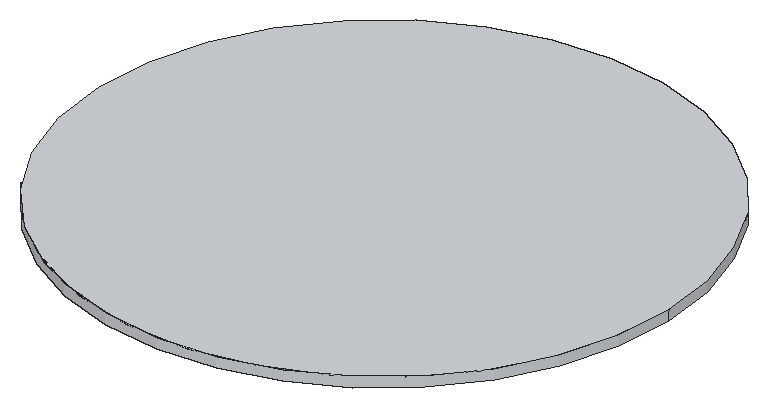
Revit family "CITY", category Lighting Fixtures, host Face, Revit 2023 (continued)
Types (10, lengths in mm): name | Radio | Photometric Web File | built-in parameter 1150142 | Manufacturer | LuxLight_Watios | LuxLight_Temperatura | LuxLight_Lumenes
  LISUP1084 | 542 | "LISUP108401 .ies" | "IESNA:LM-63-2002\r\n[TEST] Viso  - serial: n/a sensor serial: n/a\r\n[TESTLAB] Viso  - serial: n/a sensor serial: n/a - Test lab\r\n[MANUFAC] LUX LIGHT\r\n[ISSUEDATE] 12/9/2025\r\n[LUMINAIRE] CITY ROUND 4000K 10W Ø115x55mm\r\n[LUMCAT] N/A\r\nTILT=NONE\r\n1 760 1 181 17 1 2 -0.11 -0.11 0\r\n1.0 1.0 10.00\r\n0 1 2 3 4 5 6 7 8 9 10 11 12 13 14 15 16 17 18 19 20 21 22 23 24 25 26 27 28 29 30 31 32 33 34 35 36 37 38 39 40 41 42 43 44 45 46 47 48 49 50 51 52 53 54 55 56 57 58 59 60 61 62 63 64 65 66 67 68 69 70 71 72 73 74 75 76 77 78 79 80\r\n 81 82 83 84 85 86 87 88 89 90 91 92 93 94 95 96 97 98 99 100 101 102 103 104 105 106 107 108 109 110 111 112 113 114 115 116 117 118 119 120 121 122 123 124 125 126 127 128 129 130 131 132 133 134 135 136 137 138 139 140 141 142 143\r\n 144 145 146 147 148 149 150 151 152 153 154 155 156 157 158 159 160 161 162 163 164 165 166 167 168 169 170 171 172 173 174 175 176 177 178 179 180\r\n0 22.5 45 67.5 90 112.5 135 157.5 180 202.5 225 247.5 270 292.5 315 337.5 360 \r\n276.611633 275.963715 275.85733 275.591309 275.226532 274.747681 274.147278 273.486053 272.619629 271.821625 270.864014 269.739166 268.591553 267.405884 266.015045 264.616608 262.906555 261.340912 259.638458 257.730835 255.929565 253.999115\r\n 251.772247 249.697388 247.288132 245.061264 242.651993 240.014725 237.567459 234.930176 232.019302 229.30603 226.151932 223.339859 220.337784 217.092484 213.976395 210.791901 207.166595 203.928909 200.151596 196.746704 193.227814\r\n 189.078094 185.460388 181.652679 177.54097 173.77887 169.401138 165.441437 161.306915 156.875992 152.635071 148.112946 143.742828 139.509506 134.858185 130.313248 125.950722 120.896591 116.458069 111.593925 106.912201 102.169662 97.161125\r\n 92.342583 87.744453 82.431915 77.77298 72.718834 67.786301 63.096966 57.700817 52.965885 47.980145 42.675194 37.651451 32.452908 27.809177 22.998245 18.073305 13.452376 9.27986 5.282148 2.743677 1.938054 1.42124 1.07163 0.820823 0.691619\r\n 0.676419 0.661219 0.668819 0.69922 0.71442 0.744821 0.752421 0.767622 0.775222 0.820823 0.843624 0.866424 0.881625 0.904425 0.927226 0.957627 0.965227 0.995628 1.026029 1.06403 1.07923 1.124831 1.155232 1.193233 1.238835 1.269235\r\n 1.292036 1.299636 1.330037 1.368038 1.383239 1.43644 1.459241 1.474441 1.520043 1.550443 1.580844 1.603645 1.618845 1.641646 1.694847 1.748049 1.755649 1.77845 1.816451 1.862052 1.884853 1.892453 1.900053 1.953255 1.976055 1.998856\r\n 2.052058 2.074858 2.105259 2.12806 2.15086 2.14326 2.166061 2.196461 2.211662 2.226862 2.234463 2.272464 2.295264 2.325665 2.310465 2.302865 2.302865 2.325665 2.333265 2.363666 2.386467 2.386467 2.401667 2.439668 2.454869 2.462469\r\n 2.477669 2.48527 2.477669 2.49287 2.49287 2.48527 2.50807 2.515671 2.523271 2.523271 2.515671 2.561272 2.530871\r\n276.611633 276.153717 276.009308 275.674927 275.264526 274.778076 274.192902 273.516449 272.695618 271.806427 270.803192 269.685974 268.53833 267.307068 265.878235 264.403809 262.838165 261.204132 259.516876 257.563599 255.769974 253.82431\r\n 251.703842 249.446594 247.067734 244.894073 242.484787 239.847519 237.369858 234.69458 231.867294 229.093231 226.045532 223.066254 220.18576 216.765671 213.725586 210.62471 207.007004 203.754105 199.969193 196.526306 192.885803 188.880493\r\n 185.217194 181.394287 177.320572 173.345657 169.112335 164.97023 161.010513 156.427582 152.338669 147.816528 143.45401 139.190308 134.318573 130.016846 125.456718 120.736977 116.298454 111.229111 106.547386 101.994858 97.031914 92.198189\r\n 87.638054 82.340706 77.696976 72.612434 67.725502 63.112167 57.708416 52.973484 48.025745 42.621994 37.90226 32.787319 28.158791 23.363054 18.483717 13.93119 9.827076 5.753361 2.888081 2.105259 1.565644 1.185633 0.896825 0.767622\r\n 0.737221 0.71442 0.752421 0.744821 0.767622 0.805623 0.813223 0.828423 0.866424 0.889225 0.896825 0.927226 0.957627 0.972827 1.033629 1.06403 1.07923 1.102031 1.147632 1.162832 1.178033 1.216034 1.254035 1.269235 1.299636 1.337637\r\n 1.368038 1.398439 1.44404 1.482041 1.520043 1.535243 1.558044 1.588444 1.618845 1.656846 1.679647 1.679647 1.732849 1.77085 1.77845 1.824051 1.846852 1.900053 1.915254 1.953255 1.976055 2.006456 2.029257 2.074858 2.082458 2.112859\r\n 2.12806 2.15086 2.158461 2.181261 2.196461 2.226862 2.249663 2.272464 2.302865 2.310465 2.333265 2.378867 2.378867 2.401667 2.416868 2.416868 2.439668 2.424468 2.409267 2.416868 2.447269 2.477669 2.48527 2.48527 2.49287 2.546071 2.523271\r\n 2.546071 2.553672 2.553672 2.568872 2.568872 2.591673 2.584073 2.591673 2.584073 2.599273 2.584073 2.530871\r\n276.611633 276.41214 276.153717 275.902924 275.477325 274.930084 274.367676 273.653259 272.771637 271.943237 270.947601 269.739166 268.614349 267.307068 265.885834 264.457001 262.80777 261.234528 259.494049 257.502808 255.625549 253.786316\r\n 251.453049 249.37059 246.946106 244.696457 242.249191 239.642319 237.050644 234.504578 231.464478 228.819611 225.604721 222.739441 219.91217 216.499664 213.315186 210.214294 206.573776 203.267685 199.421982 196.039886 192.338593 188.333282\r\n 184.730774 181.067459 176.74295 172.745239 168.534714 164.438202 160.425308 155.827164 151.723053 146.988113 142.815598 138.605072 133.74855 129.454437 124.879105 120.075768 115.424438 110.484299 105.703758 101.105629 95.808289 91.179756\r\n 86.513229 81.117073 76.38974 71.251999 66.380264 61.728928 56.40118 51.575047 47.022514 41.823971 37.286644 32.354107 27.695177 23.294653 18.384914 14.166797 9.986679 6.110571 3.382095 2.090059 1.550443 1.102031 0.790422 0.653618\r\n 0.608017 0.623217 0.691619 0.69922 0.69922 0.69922 0.71442 0.775222 0.805623 0.805623 0.828423 0.881625 0.896825 0.927226 0.950027 0.988028 0.957627 0.988028 1.003228 1.026029 1.06403 1.124831 1.147632 1.185633 1.216034 1.231234 1.299636\r\n 1.330037 1.360438 1.398439 1.451641 1.497242 1.550443 1.580844 1.603645 1.618845 1.664447 1.679647 1.710048 1.755649 1.77845 1.808851 1.854452 1.877253 1.915254 1.938054 1.953255 2.006456 2.029257 2.029257 2.067258 2.105259 2.12806\r\n 2.158461 2.181261 2.196461 2.226862 2.234463 2.264863 2.295264 2.302865 2.333265 2.325665 2.363666 2.363666 2.378867 2.401667 2.409267 2.48527 2.523271 2.530871 2.561272 2.568872 2.584073 2.561272 2.561272 2.523271 2.546071 2.553672\r\n 2.561272 2.568872 2.523271 2.523271 2.515671 2.515671 2.530871 2.515671 2.546071 2.553672 2.553672 2.530871\r\n276.611633 276.556549 276.328552 276.024536 275.644531 275.150513 274.451294 273.752045 272.878021 271.966034 270.932404 269.830383 268.728333 267.405884 265.885834 264.388611 262.762146 261.059723 259.448456 257.502808 255.579956\r\n 253.679916 251.361832 249.294586 246.786514 244.483658 242.074371 239.49791 236.883438 234.306961 231.266891 228.606812 225.391922 222.534241 219.509354 216.150055 212.988373 209.79628 206.155762 202.872482 199.034363 195.56868 192.034592\r\n 188.00647 184.20636 180.322647 176.172928 172.205627 167.926697 163.959396 159.688065 155.173553 150.780624 146.045685 141.500763 137.138245 132.114502 127.653175 122.97905 117.978104 113.220375 108.196632 103.613701 98.734367 93.680222\r\n 88.846489 84.119156 78.951012 74.033676 68.857933 63.986195 59.29686 53.923512 49.249382 44.392845 39.353901 34.520168 29.564827 25.118704 20.809383 16.690067 12.867161 9.431864 5.935766 3.290892 1.953255 1.512442 1.109631 0.820823\r\n 0.691619 0.638418 0.653618 0.653618 0.630818 0.676419 0.676419 0.676419 0.69922 0.744821 0.775222 0.805623 0.843624 0.889225 0.889225 0.950027 0.965227 0.972827 0.995628 1.033629 1.033629 1.07163 1.07163 1.140032 1.178033 1.216034\r\n 1.238835 1.261635 1.292036 1.322437 1.337637 1.360438 1.383239 1.42124 1.482041 1.497242 1.535243 1.558044 1.596045 1.618845 1.634046 1.694847 1.732849 1.748049 1.77845 1.824051 1.854452 1.877253 1.892453 1.953255 1.968455 1.991256\r\n 2.014056 2.074858 2.105259 2.112859 2.15086 2.188861 2.188861 2.234463 2.249663 2.219262 2.272464 2.272464 2.302865 2.371267 2.386467 2.401667 2.416868 2.439668 2.454869 2.477669 2.50807 2.50807 2.523271 2.553672 2.546071 2.546071\r\n 2.523271 2.523271 2.530871 2.546071 2.546071 2.553672 2.553672 2.546071 2.584073 2.568872 2.568872 2.568872 2.561272 2.530871\r\n276.611633 278.593414 278.342621 277.954987 277.483795 277.02774 276.260162 275.538116 274.709686 273.691254 272.688019 271.51001 270.187561 268.918335 267.459106 265.923859 264.175781 262.640564 260.793701 258.855652 256.86441 254.888336\r\n 252.562683 250.358612 247.78215 245.517288 243.001602 240.257935 237.567459 234.983383 231.836899 229.03241 225.893539 222.95224 219.843765 216.446457 213.17836 210.031891 206.27739 202.92569 199.034363 195.325485 191.776169 187.558044\r\n 183.902359 179.75264 175.671326 171.605209 166.953888 162.614166 158.365646 153.516708 149.176987 144.229248 139.821121 135.169785 130.282852 125.380707 120.797791 115.77404 110.917503 105.83297 100.915634 96.051491 90.890945 85.996414\r\n 81.079071 75.918526 71.160789 65.749435 60.824505 56.150372 50.761822 46.072491 41.193157 35.933807 31.343277 26.099131 21.653006 17.176481 13.140768 9.667471 6.330977 3.473297 1.976055 1.42124 1.026029 0.72962 0.562416 0.478813 0.478813\r\n 0.486414 0.509214 0.486414 0.494014 0.516814 0.554816 0.562416 0.600417 0.638418 0.661219 0.676419 0.71442 0.72962 0.744821 0.752421 0.805623 0.843624 0.858824 0.881625 0.919626 0.934826 0.965227 1.003228 1.033629 1.048829 1.102031\r\n 1.124831 1.162832 1.200834 1.231234 1.299636 1.337637 1.368038 1.383239 1.398439 1.42124 1.459241 1.459241 1.512442 1.550443 1.527643 1.558044 1.580844 1.596045 1.634046 1.672047 1.694847 1.710048 1.748049 1.755649 1.808851 1.824051\r\n 1.846852 1.862052 1.900053 1.900053 1.960855 1.968455 1.976055 2.044457 2.044457 2.052058 2.090059 2.120459 2.12806 2.14326 2.158461 2.166061 2.188861 2.211662 2.226862 2.234463 2.226862 2.219262 2.249663 2.257263 2.257263 2.295264\r\n 2.295264 2.310465 2.325665 2.333265 2.333265 2.333265 2.325665 2.340866 2.340866 2.363666 2.340866 2.530871\r\n276.611633 276.769348 276.564148 276.176544 275.750916 275.264526 274.671692 273.91925 272.984467 272.026825 271.02359 269.807556 268.60675 267.360291 265.923859 264.388611 262.610168 261.029327 259.372467 257.274811 255.389954 253.3759\r\n 251.126236 248.937378 246.512909 244.141632 241.762772 239.057098 236.457825 233.797745 230.727264 227.968399 224.761108 221.743805 218.787338 215.321625 212.175156 208.869049 205.30455 201.831268 198.076752 194.443848 190.864136\r\n 186.912033 183.020721 178.757004 174.941696 170.943985 166.444672 162.302551 158.213623 153.440704 149.169388 144.198837 139.821121 135.215378 130.351242 125.677116 120.949791 115.994453 111.153114 105.908966 101.295639 96.4543 91.354553\r\n 86.482826 81.550278 76.404945 71.677605 66.273857 61.554123 56.636787 51.506641 46.619705 41.732769 36.503822 31.943695 26.950356 22.511831 18.422916 14.341601 10.777102 7.281004 4.210518 2.196461 1.580844 1.162832 0.866424 0.69922\r\n 0.600417 0.653618 0.668819 0.638418 0.638418 0.668819 0.691619 0.71442 0.737221 0.775222 0.790422 0.820823 0.851224 0.866424 0.896825 0.896825 0.919626 0.965227 0.995628 1.033629 1.048829 1.07923 1.109631 1.155232 1.185633 1.185633\r\n 1.238835 1.261635 1.292036 1.330037 1.330037 1.398439 1.398439 1.43644 1.451641 1.482041 1.520043 1.565644 1.588444 1.626446 1.664447 1.656846 1.679647 1.732849 1.77085 1.78605 1.816451 1.846852 1.862052 1.892453 1.922854 1.960855\r\n 1.976055 1.998856 2.029257 2.074858 2.090059 2.105259 2.14326 2.15086 2.188861 2.219262 2.234463 2.257263 2.264863 2.287664 2.264863 2.272464 2.302865 2.302865 2.333265 2.310465 2.363666 2.371267 2.378867 2.378867 2.401667 2.439668\r\n 2.447269 2.454869 2.447269 2.462469 2.48527 2.50807 2.50807 2.50807 2.49287 2.515671 2.50807 2.50807 2.50807 2.530871\r\n276.611633 276.062531 275.918121 275.560913 275.249329 274.709686 274.040894 273.364471 272.528442 271.623993 270.772797 269.495941 268.348297 267.025879 265.581848 264.137787 262.496155 260.8013 259.197662 257.229187 255.298752 253.299896\r\n 251.050232 248.929779 246.512909 244.164429 241.869171 239.239502 236.602219 234.018158 230.962875 228.059601 225.072708 222.116226 219.136932 215.648438 212.539948 209.21106 205.692169 202.234055 198.563171 194.892258 191.38855 187.451645\r\n 183.62114 179.395416 175.557312 171.590012 167.14389 163.032166 158.966049 154.291916 150.172607 145.407272 141.227158 136.765823 131.909286 127.58477 123.024651 117.970505 113.478783 108.591843 103.872108 99.144775 94.166641 89.370903\r\n 84.476364 79.39183 74.656891 69.313942 64.396599 59.714874 54.62273 49.697792 44.841255 39.749115 34.884975 29.846035 25.073101 20.436972 15.70204 11.613125 7.714216 4.339722 2.363666 1.664447 1.216034 0.896825 0.72962 0.661219 0.668819\r\n 0.668819 0.676419 0.668819 0.71442 0.71442 0.737221 0.744821 0.775222 0.820823 0.851224 0.881625 0.919626 0.919626 0.934826 0.972827 0.988028 1.003228 1.07163 1.109631 1.124831 1.147632 1.193233 1.200834 1.231234 1.261635 1.299636\r\n 1.307237 1.360438 1.406039 1.42124 1.451641 1.474441 1.520043 1.535243 1.512442 1.527643 1.558044 1.641646 1.656846 1.732849 1.755649 1.77845 1.79365 1.831651 1.846852 1.877253 1.892453 1.930454 1.960855 1.976055 1.998856 1.991256\r\n 1.976055 2.006456 2.044457 2.082458 2.112859 2.112859 2.158461 2.158461 2.188861 2.226862 2.257263 2.264863 2.272464 2.295264 2.333265 2.333265 2.340866 2.386467 2.401667 2.401667 2.409267 2.416868 2.424468 2.447269 2.454869 2.477669\r\n 2.477669 2.49287 2.515671 2.50807 2.50807 2.523271 2.546071 2.530871 2.523271 2.530871 2.553672 2.530871\r\n276.611633 276.001709 275.85733 275.538116 275.180908 274.740082 274.170105 273.455658 272.619629 271.85202 270.848785 269.761963 268.507904 267.383087 265.946655 264.563416 262.936951 261.272522 259.668854 257.662445 255.929565 253.900314\r\n 251.772247 249.583389 247.219727 244.894073 242.537994 239.809509 237.309052 234.732574 231.852097 229.03241 225.916336 222.967438 219.988159 216.674469 213.619186 210.358688 206.794205 203.298096 199.688004 196.115891 192.597 188.432083\r\n 184.624374 180.588669 176.60614 172.813644 168.405518 164.271011 160.113693 155.606766 151.50264 146.737305 142.329178 138.118683 133.140518 128.648804 124.286278 119.194145 114.770813 109.625473 105.095741 100.391212 95.162262 90.609741\r\n 85.7836 80.486259 75.796921 70.415977 65.681038 60.900505 55.390354 50.298206 45.479675 39.916317 34.922977 29.937239 25.042702 20.277369 15.474034 11.05071 7.227803 3.678503 2.166061 1.550443 1.147632 0.851224 0.668819 0.638418 0.623217\r\n 0.623217 0.653618 0.668819 0.691619 0.70682 0.72962 0.767622 0.767622 0.820823 0.820823 0.851224 0.866424 0.904425 0.934826 0.950027 0.972827 1.003228 1.033629 1.07163 1.109631 1.140032 1.147632 1.185633 1.185633 1.223634 1.269235\r\n 1.299636 1.330037 1.368038 1.406039 1.398439 1.43644 1.474441 1.512442 1.512442 1.527643 1.558044 1.588444 1.618845 1.679647 1.702448 1.710048 1.755649 1.79365 1.831651 1.884853 1.892453 1.930454 1.953255 1.960855 2.006456 2.006456\r\n 2.044457 2.082458 2.074858 2.112859 2.14326 2.188861 2.219262 2.234463 2.257263 2.264863 2.249663 2.264863 2.287664 2.333265 2.325665 2.333265 2.340866 2.371267 2.378867 2.409267 2.424468 2.439668 2.439668 2.416868 2.454869 2.48527\r\n 2.462469 2.48527 2.49287 2.50807 2.50807 2.546071 2.530871 2.523271 2.530871 2.546071 2.546071 2.530871\r\n276.611633 276.039734 275.902924 275.674927 275.332916 274.854095 274.223297 273.622864 272.824829 271.988831 271.167999 269.997559 268.994324 267.755493 266.341858 265.01181 263.309387 261.827332 260.124908 258.278046 256.415985 254.531128\r\n 252.334671 250.252197 247.78215 245.623688 243.267624 240.630341 238.069061 235.560989 232.61972 229.967239 226.820755 224.031479 220.968597 217.487686 214.478012 211.126328 207.713806 204.301315 200.600021 197.005127 193.547012 189.625305\r\n 185.855606 181.827499 177.829773 173.87767 169.461945 165.365433 161.329712 156.914001 152.604675 147.793732 143.598434 139.114288 134.212158 129.849625 125.289513 120.394974 115.682846 110.773102 106.03817 101.181641 96.135094 91.331757\r\n 86.710823 81.360283 76.59494 71.115189 66.2814
